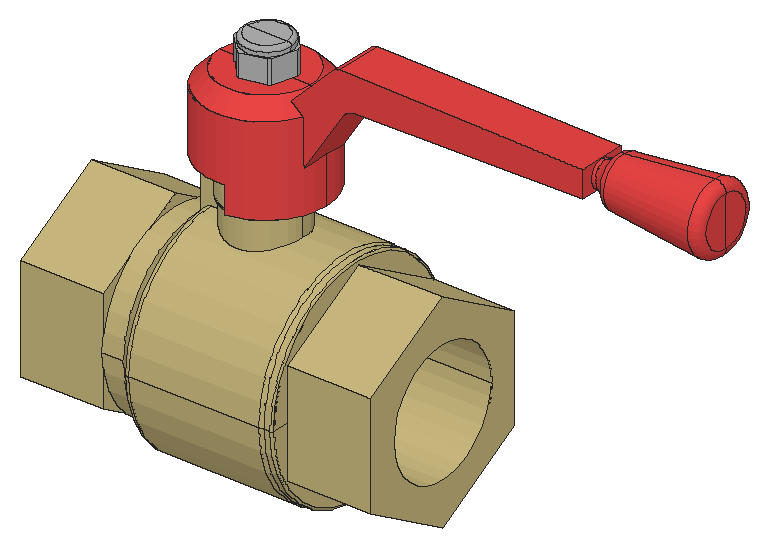
Revit family "QA00730000", category Apparecchi idraulici, Revit 2016
Family settings
  Tipo di parte = Normale
  Quota connettore circolare = Usa diametro
  Numero OmniClass = 23.45.00.00
  Titolo OmniClass = Sanitary, Laundry, and Cleaning Equipment
  Basato su piano di lavoro = No
  Sempre verticale = Sì
  Taglio con vuoti quando caricato = No
  Condiviso = No
  Punto di calcolo locali = No
Parameters
  URL = "https://web.cimberio.it/index.php/figura/96?subcategoria_id=41693"
  DN Model [instance] = QA00731032 : QA00731032
  DN [instance] = 32 mm
Reference planes
  plane 1 "Centro (Fronte/Retro)": y = 0
  plane 2: z = 0
  plane 3 "Centro (Sinistra/Destra)": x = 0
Dimensions and locks
  aligned and locked: level to plane 2
Nested families
  nested 1: "QA00731032" at (0, 0, 0), type <- "DN Model", type "QA00731032"
  nested 2: "QA00731032" at (0, 0, 0), type <- "DN Model", type "QA00731032"
  nested 3: "QA00731032" at (0, 0, 0), type <- "DN Model", type "QA00731032"
  nested 4: "QA00731032" at (0, 0, 0), type <- "DN Model", type "QA00731032"
  nested 5: "QA00731032" at (0, 0, 0), type <- "DN Model", type "QA00731032"
  nested 6: "QA00731032" at (0, 0, 0), type <- "DN Model", type "QA00731032"
  nested 7: "QA00731032" at (0, 0, 0), type <- "DN Model", type "QA00731032"
  nested 8: "QA00731032" at (0, 0, 0), type <- "DN Model", type "QA00731032"
Connectors
  piping at (-45.498, -0.375, 0), diameter 32, driven by "DN"
    settings: on nested 8, index 1, connector inside diameter 609.6 mm, connector length 0 mm, flow factor 0, pipe flow 0.0 L/s, pressure drop 0.0 Pa, fitting loss kfactor 0, connector angle 0.00°, fixture units 0, engagement length 0 mm, angle of deflection 0.00°, flow configuration 0, flow direction 0, fitting loss method 0, system type 7, joint type 0, gender type 0, connector reference index -1, connector utility 0, adjustable connector no, is connector primary yes, connector description ""
  piping at (46.202, 0.25, 0), diameter 32, driven by "DN"
    settings: on nested 8, index 2, connector inside diameter 609.6 mm, connector length 0 mm, flow factor 0, pipe flow 0.0 L/s, pressure drop 0.0 Pa, fitting loss kfactor 0, connector angle 0.00°, fixture units 0, engagement length 0 mm, angle of deflection 0.00°, flow configuration 0, flow direction 0, fitting loss method 0, system type 7, joint type 0, gender type 0, connector reference index -1, connector utility 0, adjustable connector no, is connector primary no, connector description ""
Definition of nested family "QA00731032"
  Reference planes
    plane 1 "Centro (Fronte/Retro)": y = 0
    plane 2: z = 0
    plane 3 "Centro (Sinistra/Destra)": x = 0
    plane 4: x = 120
  Forms (mm)
    Revolve 1, solid
      sketch origin (0, 0, 0) x (0, 1, 0) y (-1, 0, 0)
        loop
          line (12.54, 23.644) -> (12.54, -24.206) -> (27.732, -24.206)
          arc (27.732, -24.206) -> (28.085, -24.06) -> (28.232, -23.706) r 0.5
          line (28.232, -23.706) -> (28.232, -21.995) -> (28.482, -20.912) -> (28.482, 12.95)
          arc (28.482, 12.95) -> (28.37, 13.575) -> (28.021, 14.105) r 1.575
          line (28.021, 14.105) -> (23.982, 18.144) -> (23.982, 23.644) -> (12.54, 23.644)
        axis (0, 23.644) -> (0, -24.206)
      angle from 0 to 360
    Extrusion 2, solid
      sketch origin (-16, 0, 0) x (0, 0, 1) y (0, 1, 0)
        loop
          circle (0, 0) r 16
        loop
          line (-27, 0) -> (-13.5, -23.383) -> (13.5, -23.383) -> (27, 0) -> (13.5, 23.383) -> (-13.5, 23.383) -> (-27, 0)
      from 7.644 to 29.498
    Extrusion 3, solid
      sketch origin (16, 0, 0) x (0, 0, 1) y (0, -1, 0)
        loop
          circle (0, 0) r 16
        loop
          line (-27, 0) -> (-13.5, -23.383) -> (13.5, -23.383) -> (27, 0) -> (13.5, 23.383) -> (-13.5, 23.383) -> (-27, 0)
      from 7.644 to 30.202
    Revolve 4, solid
      sketch origin (0, 0, 0) x (1, 0, 0) y (0, 0, 1)
        loop
          line (0, 44.8) -> (-11.148, 44.8) -> (-11.148, 43.3) -> (-10.648, 42.612) -> (-10.531, 35)
          arc (-10.531, 35) -> (-10.252, 34.596) -> (-9.773, 34.488) r 0.674
          line (-9.773, 34.488) -> (-9.773, 25.891) -> (0, 25.891) -> (0, 44.8)
        axis (0, 44.8) -> (0, 25.891)
      angle from 0 to 360
    Extrusion 5, solid
      sketch origin (0, 0, 0) x (1, 0, 0) y (0, 0, 1)
        loop
          line (-15.648, 42.3) -> (-15.648, 25.431) -> (-9.091, 25.431) -> (-9.091, 42.3) -> (-15.648, 42.3)
      from 0 to 1.523
    Revolve 6, solid
      sketch origin (0, 0, 0) x (1, 0, 0) y (0, 0, 1)
        loop
          line (0, 64.8) -> (-11.898, 64.8) -> (-15.898, 60.8) -> (-15.898, 37.755) -> (0, 37.755) -> (0, 64.8)
        axis (0, 64.8) -> (0, 37.755)
      angle from 0 to 360
    Extrusion 7, void
      sketch origin (0, 0, 58.3) x (0, 1, 0) y (-1, 0, 0)
        loop
          line (0, 7.878) -> (0, 15.898)
          arc (0, 15.898) -> (-11.912, 10.529) -> (-15.778, -1.952) r 15.898
          line (-15.778, -1.952) -> (-10.853, -1.952)
          arc (-10.853, -1.952) -> (-7.117, 4.83) -> (0, 7.878) r 11.898
      from -22.127 to -13.5
    Extrusion 8, solid
      sketch origin (0, 0, 0) x (1, 0, 0) y (0, 0, 1)
        loop
          line (11.745, 63.693) -> (15.24, 49.16) -> (25.625, 65.18)
          arc (25.625, 65.18) -> (26.511, 66.008) -> (27.683, 66.321) r 2.503
          line (27.683, 66.321) -> (87.809, 67.322) -> (87.809, 74.31) -> (24.41, 75.284)
          arc (24.41, 75.284) -> (23.431, 75.101) -> (22.602, 74.55) r 2.5
          line (22.602, 74.55) -> (11.745, 63.693)
      from -6.155 to 6.192
    Revolve 9, solid
      sketch origin (0, 0, 0) x (1, 0, 0) y (0, 0, 1)
        loop
          line (117.605, 79.8) -> (93.794, 77.443)
          arc (93.794, 77.443) -> (92.62, 77.028) -> (91.771, 76.118) r 2.611
          arc (91.771, 76.118) -> (90.474, 75.069) -> (88.988, 74.31) r 8.057
          line (88.988, 74.31) -> (87.809, 74.31) -> (87.809, 70.816) -> (120.352, 70.816) -> (120.352, 77.316)
          arc (120.352, 77.316) -> (119.529, 79.166) -> (117.605, 79.8) r 2.5
        axis (87.809, 70.816) -> (120.352, 70.816)
      angle from 0 to 360
    Extrusion 10, solid
      sketch origin (0.313, 0, 58.3) x (0, 1, 0) y (-1, 0, 0)
        loop
          arc (5.605, 4.526) -> (5.297, 4.88) -> (4.966, 5.213) r 7.25
          line (4.966, 5.213) -> (-1.172, 7.103)
          arc (-1.172, 7.103) -> (-1.633, 7.013) -> (-2.086, 6.893) r 7.25
          line (-2.086, 6.893) -> (-6.792, 2.522)
          arc (-6.792, 2.522) -> (-6.944, 2.078) -> (-7.067, 1.626) r 7.25
          line (-7.067, 1.626) -> (-5.634, -4.635)
          arc (-5.634, -4.635) -> (-5.326, -4.989) -> (-4.996, -5.322) r 7.25
          line (-4.996, -5.322) -> (1.142, -7.211)
          arc (1.142, -7.211) -> (1.603, -7.122) -> (2.057, -7.002) r 7.25
          line (2.057, -7.002) -> (6.762, -2.631)
          arc (6.762, -2.631) -> (6.914, -2.187) -> (7.038, -1.734) r 7.25
          line (7.038, -1.734) -> (5.605, 4.526)
      from 6.5 to 12.5
    Revolve 11, solid
      sketch origin (0, 0, 0) x (1, 0, 0) y (0, 0, 1)
        loop
          line (0.352, 72.8) -> (0.352, 70.8) -> (6.602, 70.8) -> (6.602, 71.8)
          arc (6.602, 71.8) -> (6.309, 72.507) -> (5.602, 72.8) r 1
          line (5.602, 72.8) -> (0.352, 72.8)
        axis (0.352, 72.8) -> (0.352, 70.8)
      angle from 0 to 360
  Cuts and joins
    Extrusion 7 cuts Revolve 6
  Dimensions and locks
    aligned and locked: level to plane 2
